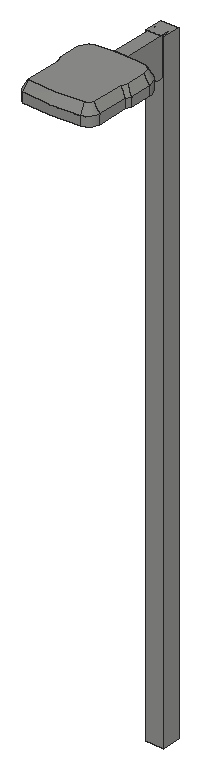
Revit family "VP-1_ADU", category Lighting Fixtures, host Face, Revit 2019
Family settings
  Host = Face
  Round Connector Dimension = Use Diameter
  Part Type = Normal
  OmniClass Number = 23.80.70.11.14.17
  OmniClass Title = Direct/Indirect
  Cut with Voids When Loaded = No
  Light Source = No
  Shared = Yes
  Room Calculation Point = No
Parameters (values of type "VP-1-ADU")
  Wattage Comments = "97.2W"
  Warranty = "Five year warranty"  # constant formula
  Voltage = 120 V
  URL = "https://www.currentlighting.com/beacon"
  Type Comments = "Lighting Fixture"  # constant formula
  Product Page URL = "https://www.currentlighting.com/outdoor-lighting/viper-area-size-1/9606403"
  Product Documentation Link = "https://cdn.currentlighting.com/site/specsheet/BEA_VIPERSPEC.pdf"
  Power Factor = 0.9
  Pole Height [instance] = 120.00"
  Name = "Viper Area Size 1"  # constant formula
  Model = "VP-1-ADU"
  Matt Grey = MATT GREY
  Matt Black = Matt Black
  Manufacturer = "Current Lighting"  # constant formula
  Load Classification = Lighting
  Light Output = 6297.00 cd/m²
  Lamp = "LED"  # constant formula
  Grey = Grey
  Glass = Glass
  Pole Size [instance] = 3.50"
  Features = "Featuring two different optical technologies, Micro Strike and Strike Optics, which provide the best distribution patterns for retrofit or new construction\r\nVibration rated for high vibration applications including bridges and overpasses\r\nControl options including photo control, occupancy sensing, NX Lighting Controls, wiSCAPE and 7-Pin with networked controls\r\nMounting options include: Arm, Universal Arm, Adjustable Arm, Mast Arm, Decorative Arm, Knuckle, Trunnion, Wall\r\nDistribution options include: Auto Front Row, Type 2, Type 3, Type 4 Forward, Type 4 Wide, Type 5 Narrow, Type 5 Medium, Type 5 Wide, Type 5 Rectangular, Corner Optic, and Tennis Court\r\n\r\n"  # constant formula
  Copyright = "© 2022 Current Lighting"  # constant formula
  Cool Grey = Cool Grey
  Contact Us = "https://www.currentlighting.com/contact-us"
  Certification = "UL"  # constant formula
  Description = "The Viper is an extremely versatile area/site luminaire which blends design, performance, and technology for a variety of applications."  # constant formula
  Default Elevation = 48.00"
  Finish = Arctic White
  Matt White = Matt White
  CRI = "70"  # constant formula
  Brand = "Beacon"  # constant formula
  Assembly Code = "D5020200"
  Apparent Load = 97.2 VA
Reference planes (in)
  plane 1 "Center (Front/Back)": y = 6.16697
  plane 2: z = 0
  plane 3 "Center (Left/Right)": x = 0
  plane 4: z = 3.75
  plane 5: z = -4.44
  plane 6: x = -1.75
  plane 7: x = 1.75
  plane 8: y = 4.41697
  plane 9: y = 7.91697
  plane 10: z = 120
Forms (in)
  Extrusion 1, solid, material "Cool Grey" <- "Cool Grey"
    sketch origin (0, 0, 0) x (1, 0, 0) y (0, 1, 0)
      loop
        line (-1.75, 7.91697) -> (-1.75, 4.41697) -> (1.75, 4.41697) -> (1.75, 7.91697) -> (-1.75, 7.91697)
    from 0 to 120
Lines and regions (in)
  reference lines
    curve 1: line (0, 14.42606, -3.25) -> (0, 17.42606, -0.25)
    curve 2: line (0, -2.09213, -3.25) -> (0, 14.42606, -3.25)
    curve 3: line (0, -5.09213, -0.25) -> (0, -2.09213, -3.25)
    curve 4: line (0, 14.42606, -3.25) -> (0, 17.42606, -0.25)
    curve 5: line (0, -5.09213, -0.25) -> (0, 17.42606, -0.25)
    curve 6: line (0, 17.17606, -0.77432) -> (0, 17.92606, -0.77432)
    curve 7: line (0, 17.17606, -1.52432) -> (0, 17.17606, -0.77432)
    curve 8: line (0, 16.69614, -1.52432) -> (0, 17.17606, -1.52432)
    curve 9: line (0, 14.92606, -4.25) -> (0, 16.69614, -1.52432)
    curve 10: line (0, -4.3622, -1.52432) -> (0, -2.59213, -4.25)
    curve 11: line (0, -4.84213, -1.52432) -> (0, -4.3622, -1.52432)
    curve 12: line (0, -4.84213, -0.77432) -> (0, -4.84213, -1.52432)
    curve 13: line (0, -5.59213, -0.77432) -> (0, -4.84213, -0.77432)
Dimensions and locks (in)
  plane 4 to plane 2 = 3.75"
  "Pole Size": plane 8 to plane 9
  equal spacing: plane 8, plane 1 "Center (Front/Back)", plane 9
  equal spacing: plane 6, plane 3 "Center (Left/Right)", plane 7
  "Pole Size": plane 6 to plane 7
  "Pole Height": plane 10 to plane 2
  aligned and locked: plane 2 to host face
  aligned and locked: level to host face
  aligned and locked: plane 10 to Extrusion 1
  aligned and locked: plane 3 "Center (Left/Right)" to nested 1
  aligned and locked: plane 9 to Extrusion 1 sketch curve
  aligned and locked: plane 6 to Extrusion 1 sketch curve
  aligned and locked: Extrusion 1 sketch curve to plane 8
  aligned and locked: Extrusion 1 sketch curve to plane 7
  aligned and locked: nested 1 to plane 10
Automatic sketch dimensions
  host sketch curve to host sketch curve = 96.00"
  host sketch curve to host sketch curve = 85.00"
  curve 3 to level = 0.25"
  plane 8 to curve 3 = 9.50909"
  curve 3 to curve 12 = 0.25"
  curve 11 to curve 11 = 0.47992"
  curve 2 to plane 5 = 1.19"
  curve 10 to curve 2 = 2.27008"
  curve 1 to plane 9 = 6.50909"
  curve 9 to level = 1.52432"
  curve 1 to curve 9 = 2.27008"
  curve 8 to curve 8 = 0.47992"
  curve 6 to curve 4 = 0.25"
  curve 10 to curve 3 = 1.27432"
  curve 7 to curve 1 = 0.52432"
  curve 12 to curve 3 = 0.52432"
  curve 13 to curve 3 = 0.50"
  curve 10 to plane 5 = 0.19"
  curve 10 to curve 2 = 0.50"
  curve 9 to plane 5 = 0.19"
  curve 1 to curve 9 = 0.50"
  curve 1 to curve 6 = 0.50"
Nested families (in)
  nested 1: "SIZE1-ADU" at (0, 4.41697, 118.26) x (1, 0, 0) z (0, -1, 0), Mounting Block Width <- "Pole Size", type "SIZE1-ADU"
    with Mounting Block Width 3.50"
Connectors (in)
  electrical at (0, 6.16697, 0), driven by "Power Factor", driven by "Apparent Load", driven by "Voltage"
    settings: on Extrusion 1, index 1, voltage 120 V, apparent load 97.2 VA, apparent load phase1 0 VA, apparent load phase2 0 VA, apparent load phase3 0 VA, power factor 0.9, load classification "Other", number of poles 1, system type 30, power factor state 1, is connector primary yes, connector utility no, sub classification motor no, connector description "Light Fixture"
Definition of nested family "SIZE1-ADU"
  Parameters (values of type "SIZE1-ADU")
    Width = 14.38"
    Wattage = 97.2 W
    built-in parameter 1150110 = 1 (stored number, unit not read)
    built-in parameter 1114217 = 1 (stored number, unit not read)
    Tilt Angle = 160.00°
    built-in parameter 1150109 = 1 (stored number, unit not read)
    built-in parameter 1150134 = 3
    built-in parameter 1150113 = 1 (stored number, unit not read)
    Photometric Web File = "VP-1-160L-100-3K7-4W-BC.ies"
    Mounting Block Width [instance] = 3.00"
    Mount Length = 7.30"
    built-in parameter 1150105 = 502.77 (stored number, unit not read)
    Lumens = 6318 lm
    built-in parameter 1150115 = 1 (stored number, unit not read)
    built-in parameter 1150137 = (empty or 0)
    built-in parameter 1150139 = (empty or 0)
    Length = 16.76"
    built-in parameter 1150112 = 1 (stored number, unit not read)
    built-in parameter 1150114 = 1 (stored number, unit not read)
    built-in parameter 1150132 = (empty or 0)
    built-in parameter 1150102 = (empty or 0)
    built-in parameter 1150107 = 3200 (stored number, unit not read)
    built-in parameter 1150138 = (empty or 0)
    built-in parameter 1150106 = 5.0277 (stored number, unit not read)
    Glass = none
    Fixture = none
    built-in parameter 1150104 = 6.0387 (stored number, unit not read)
    Dimming Lamp Color Temperature Shift = (empty or 0)
    Default Elevation = 48.00"
    Color Filter = 16777215
    built-in parameter 1114218 = 1 (stored number, unit not read)
    built-in parameter 1150133 = 10 (stored number, unit not read)
  Reference planes (in)
    plane 1 "Center (Front/Back)": y = 0
    plane 2: z = 0
    plane 3 "Center (Left/Right)": x = 0
    plane 4: x = 7.19
    plane 5: x = -7.19
    plane 6: z = 7.3
    plane 7: z = 24.06
    plane 8: y = -1.74
    plane 9: y = 1.74
    plane 10: x = -1.5
    plane 11: x = 1.5
  Forms (in)
    Extrusion 1, solid
      sketch origin (0, 0, 0) x (1, 0, 0) y (0, 1, 0)
        loop
          line (-48, 48) -> (-48, -48) -> (48, -48) -> (48, 48) -> (-48, 48)
      from 0 to -12
    Extrusion 2, solid, material <- "Fixture"
      sketch origin (0, 0, 0) x (1, 0, 0) y (0, 0, 1)
        loop
          line (-6.90972, 15.52202) -> (-7.315, 14.47799) -> (-7.315, 10.44521)
          arc (-7.315, 10.44521) -> (-6.65907, 8.48733) -> (-4.95604, 7.31974) r 3.25
          arc (-4.95604, 7.31974) -> (0, 6.81429) -> (4.95604, 7.31974) r 24.55009
          arc (4.95604, 7.31974) -> (6.65907, 8.48733) -> (7.315, 10.44521) r 3.25
          line (7.315, 10.44521) -> (7.315, 14.47799) -> (6.8775, 15.60502) -> (6.8775, 21.64879)
          arc (6.8775, 21.64879) -> (6.33181, 23.02174) -> (4.99253, 23.64548) r 2
          arc (4.99253, 23.64548) -> (-0.48882, 24.02102) -> (-5.96128, 23.53274) r 34.9432
          arc (-5.96128, 23.53274) -> (-6.64447, 23.08958) -> (-6.90972, 22.31966) r 1.25
          line (-6.90972, 22.31966) -> (-6.90972, 15.52202)
      from 0 to 1.74
    Extrusion 3, solid, material <- "Fixture"
      sketch origin (0, 0, 0) x (0, 1, 0) y (0, 0, 1)
        loop
          line (1.74, 7.93918) -> (-1.74, 7.93918) -> (-1.74, 5.73801)
          arc (-1.74, 5.73801) -> (-1.91356, 4.61037) -> (-2.41818, 3.5871) r 3.75
          line (-2.41818, 3.5871) -> (-5.31007, 1.22439)
          arc (-5.31007, 1.22439) -> (-5.39997, 1.10958) -> (-5.432, 0.96732) r 0.33196
          line (-5.432, 0.96732) -> (-5.432, -1.406) -> (-2.86955, -1.406) -> (1.74, -1.406) -> (1.74, 7.93918)
      from -1.24 to 1.24
    Extrusion 4, void
      sketch origin (0, 0, 0) x (1, 0, 0) y (0, 0, 1)
        loop
          arc (-5.91108, 14.93936) -> (0.07703, 15.26698) -> (6.065, 14.93674) r 54.66878
          line (6.065, 14.93674) -> (6.065, 21.74182) -> (-5.91108, 21.74182) -> (-5.91108, 14.93936)
      from 1 to 1.75
    Extrusion 5, solid, material <- "Glass"
      sketch origin (0, 0, -0.25) x (1, 0, 0) y (0, 0, 1)
        loop
          arc (-5.06487, 21.74182) -> (-5.31236, 21.63931) -> (-5.41487, 21.39182) r 0.35
          line (-5.41487, 21.39182) -> (-5.41487, 16.34182)
          arc (-5.41487, 16.34182) -> (-5.31236, 16.09434) -> (-5.06487, 15.99182) r 0.35
          line (-5.06487, 15.99182) -> (5.11803, 15.99182)
          arc (5.11803, 15.99182) -> (5.36552, 16.09434) -> (5.46803, 16.34182) r 0.35
          line (5.46803, 16.34182) -> (5.46803, 21.39182)
          arc (5.46803, 21.39182) -> (5.36552, 21.63931) -> (5.11803, 21.74182) r 0.35
          line (5.11803, 21.74182) -> (-5.06487, 21.74182)
      from 1 to 1.35
    Extrusion 6, solid, material <- "Glass"
      sketch origin (0, 0, -0.25) x (1, 0, 0) y (0, 0, 1)
        loop
          circle (-4.85829, 20.91694) r 0.15
        loop
          circle (-4.33955, 20.91694) r 0.15
        loop
          circle (-3.8208, 20.91694) r 0.15
        loop
          circle (-3.30205, 20.91694) r 0.15
        loop
          circle (-2.7833, 20.91694) r 0.15
        loop
          circle (-2.26455, 20.91694) r 0.15
        loop
          circle (-1.7458, 20.91694) r 0.15
        loop
          circle (-1.22705, 20.91694) r 0.15
        loop
          circle (-0.70831, 20.91694) r 0.15
        loop
          circle (-4.85829, 20.41694) r 0.15
        loop
          circle (-4.33955, 20.41694) r 0.15
        loop
          circle (-3.8208, 20.41694) r 0.15
        loop
          circle (-3.30205, 20.41694) r 0.15
        loop
          circle (-2.7833, 20.41694) r 0.15
        loop
          circle (-2.26455, 20.41694) r 0.15
        loop
          circle (-1.7458, 20.41694) r 0.15
        loop
          circle (-1.22705, 20.41694) r 0.15
        loop
          circle (-0.70831, 20.41694) r 0.15
        loop
          circle (-4.85829, 19.91694) r 0.15
        loop
          circle (-4.33955, 19.91694) r 0.15
        loop
          circle (-3.8208, 19.91694) r 0.15
        loop
          circle (-3.30205, 19.91694) r 0.15
        loop
          circle (-2.7833, 19.91694) r 0.15
        loop
          circle (-2.26455, 19.91694) r 0.15
        loop
          circle (-1.7458, 19.91694) r 0.15
        loop
          circle (-1.22705, 19.91694) r 0.15
        loop
          circle (-0.70831, 19.91694) r 0.15
        loop
          circle (-4.85829, 19.41694) r 0.15
        loop
          circle (-4.33955, 19.41694) r 0.15
        loop
          circle (-3.8208, 19.41694) r 0.15
        loop
          circle (-3.30205, 19.41694) r 0.15
        loop
          circle (-2.7833, 19.41694) r 0.15
        loop
          circle (-2.26455, 19.41694) r 0.15
        loop
          circle (-1.7458, 19.41694) r 0.15
        loop
          circle (-1.22705, 19.41694) r 0.15
        loop
          circle (-0.70831, 19.41694) r 0.15
        loop
          circle (-4.85829, 18.91694) r 0.15
        loop
          circle (-4.33955, 18.91694) r 0.15
        loop
          circle (-3.8208, 18.91694) r 0.15
        loop
          circle (-3.30205, 18.91694) r 0.15
        loop
          circle (-2.7833, 18.91694) r 0.15
        loop
          circle (-2.26455, 18.91694) r 0.15
        loop
          circle (-1.7458, 18.91694) r 0.15
        loop
          circle (-1.22705, 18.91694) r 0.15
        loop
          circle (-0.70831, 18.91694) r 0.15
        loop
          circle (-4.85829, 18.41694) r 0.15
        loop
          circle (-4.33955, 18.41694) r 0.15
        loop
          circle (-3.8208, 18.41694) r 0.15
        loop
          circle (-3.30205, 18.41694) r 0.15
        loop
          circle (-2.7833, 18.41694) r 0.15
        loop
          circle (-2.26455, 18.41694) r 0.15
        loop
          circle (-1.7458, 18.41694) r 0.15
        loop
          circle (-1.22705, 18.41694) r 0.15
        loop
          circle (-0.70831, 18.41694) r 0.15
        loop
          circle (-4.85829, 17.91694) r 0.15
        loop
          circle (-4.33955, 17.91694) r 0.15
        loop
          circle (-3.8208, 17.91694) r 0.15
        loop
          circle (-3.30205, 17.91694) r 0.15
        loop
          circle (-2.7833, 17.91694) r 0.15
        loop
          circle (-2.26455, 17.91694) r 0.15
        loop
          circle (-1.7458, 17.91694) r 0.15
        loop
          circle (-1.22705, 17.91694) r 0.15
        loop
          circle (-0.70831, 17.91694) r 0.15
        loop
          circle (-4.85829, 17.41694) r 0.15
        loop
          circle (-4.33955, 17.41694) r 0.15
        loop
          circle (-3.8208, 17.41694) r 0.15
        loop
          circle (-3.30205, 17.41694) r 0.15
        loop
          circle (-2.7833, 17.41694) r 0.15
        loop
          circle (-2.26455, 17.41694) r 0.15
        loop
          circle (-1.7458, 17.41694) r 0.15
        loop
          circle (-1.22705, 17.41694) r 0.15
        loop
          circle (-0.70831, 17.41694) r 0.15
        loop
          circle (-4.85829, 16.91694) r 0.15
        loop
          circle (-4.33955, 16.91694) r 0.15
        loop
          circle (-3.8208, 16.91694) r 0.15
        loop
          circle (-3.30205, 16.91694) r 0.15
        loop
          circle (-2.7833, 16.91694) r 0.15
        loop
          circle (-2.26455, 16.91694) r 0.15
        loop
          circle (-1.7458, 16.91694) r 0.15
        loop
          circle (-1.22705, 16.91694) r 0.15
        loop
          circle (-0.70831, 16.91694) r 0.15
      from 1.35 to 1.4
    Extrusion 7, solid, material <- "Glass"
      sketch origin (0, 0, -0.25) x (-1, 0, 0) y (0, 0, -1)
        loop
          circle (-4.85829, -20.91694) r 0.15
        loop
          circle (-4.33955, -20.91694) r 0.15
        loop
          circle (-3.8208, -20.91694) r 0.15
        loop
          circle (-3.30205, -20.91694) r 0.15
        loop
          circle (-2.7833, -20.91694) r 0.15
        loop
          circle (-2.26455, -20.91694) r 0.15
        loop
          circle (-1.7458, -20.91694) r 0.15
        loop
          circle (-1.22705, -20.91694) r 0.15
        loop
          circle (-0.70831, -20.91694) r 0.15
        loop
          circle (-4.85829, -20.41694) r 0.15
        loop
          circle (-4.33955, -20.41694) r 0.15
        loop
          circle (-3.8208, -20.41694) r 0.15
        loop
          circle (-3.30205, -20.41694) r 0.15
        loop
          circle (-2.7833, -20.41694) r 0.15
        loop
          circle (-2.26455, -20.41694) r 0.15
        loop
          circle (-1.7458, -20.41694) r 0.15
        loop
          circle (-1.22705, -20.41694) r 0.15
        loop
          circle (-0.70831, -20.41694) r 0.15
        loop
          circle (-4.85829, -19.91694) r 0.15
        loop
          circle (-4.33955, -19.91694) r 0.15
        loop
          circle (-3.8208, -19.91694) r 0.15
        loop
          circle (-3.30205, -19.91694) r 0.15
        loop
          circle (-2.7833, -19.91694) r 0.15
        loop
          circle (-2.26455, -19.91694) r 0.15
        loop
          circle (-1.7458, -19.91694) r 0.15
        loop
          circle (-1.22705, -19.91694) r 0.15
        loop
          circle (-0.70831, -19.91694) r 0.15
        loop
          circle (-4.85829, -19.41694) r 0.15
        loop
          circle (-4.33955, -19.41694) r 0.15
        loop
          circle (-3.8208, -19.41694) r 0.15
        loop
          circle (-3.30205, -19.41694) r 0.15
        loop
          circle (-2.7833, -19.41694) r 0.15
        loop
          circle (-2.26455, -19.41694) r 0.15
        loop
          circle (-1.7458, -19.41694) r 0.15
        loop
          circle (-1.22705, -19.41694) r 0.15
        loop
          circle (-0.70831, -19.41694) r 0.15
        loop
          circle (-4.85829, -18.91694) r 0.15
        loop
          circle (-4.33955, -18.91694) r 0.15
        loop
          circle (-3.8208, -18.91694) r 0.15
        loop
          circle (-3.30205, -18.91694) r 0.15
        loop
          circle (-2.7833, -18.91694) r 0.15
        loop
          circle (-2.26455, -18.91694) r 0.15
        loop
          circle (-1.7458, -18.91694) r 0.15
        loop
          circle (-1.22705, -18.91694) r 0.15
        loop
          circle (-0.70831, -18.91694) r 0.15
        loop
          circle (-4.85829, -18.41694) r 0.15
        loop
          circle (-4.33955, -18.41694) r 0.15
        loop
          circle (-3.8208, -18.41694) r 0.15
        loop
          circle (-3.30205, -18.41694) r 0.15
        loop
          circle (-2.7833, -18.41694) r 0.15
        loop
          circle (-2.26455, -18.41694) r 0.15
        loop
          circle (-1.7458, -18.41694) r 0.15
        loop
          circle (-1.22705, -18.41694) r 0.15
        loop
          circle (-0.70831, -18.41694) r 0.15
        loop
          circle (-4.85829, -17.91694) r 0.15
        loop
          circle (-4.33955, -17.91694) r 0.15
        loop
          circle (-3.8208, -17.91694) r 0.15
        loop
          circle (-3.30205, -17.91694) r 0.15
        loop
          circle (-2.7833, -17.91694) r 0.15
        loop
          circle (-2.26455, -17.91694) r 0.15
        loop
          circle (-1.7458, -17.91694) r 0.15
        loop
          circle (-1.22705, -17.91694) r 0.15
        loop
          circle (-0.70831, -17.91694) r 0.15
        loop
          circle (-4.85829, -17.41694) r 0.15
        loop
          circle (-4.33955, -17.41694) r 0.15
        loop
          circle (-3.8208, -17.41694) r 0.15
        loop
          circle (-3.30205, -17.41694) r 0.15
        loop
          circle (-2.7833, -17.41694) r 0.15
        loop
          circle (-2.26455, -17.41694) r 0.15
        loop
          circle (-1.7458, -17.41694) r 0.15
        loop
          circle (-1.22705, -17.41694) r 0.15
        loop
          circle (-0.70831, -17.41694) r 0.15
        loop
          circle (-4.85829, -16.91694) r 0.15
        loop
          circle (-4.33955, -16.91694) r 0.15
        loop
          circle (-3.8208, -16.91694) r 0.15
        loop
          circle (-3.30205, -16.91694) r 0.15
        loop
          circle (-2.7833, -16.91694) r 0.15
        loop
          circle (-2.26455, -16.91694) r 0.15
        loop
          circle (-1.7458, -16.91694) r 0.15
        loop
          circle (-1.22705, -16.91694) r 0.15
        loop
          circle (-0.70831, -16.91694) r 0.15
      from 1.35 to 1.4
    Extrusion 8, solid, material <- "Glass"
      sketch origin (0, 0, -0.25) x (1, 0, 0) y (0, 0, 1)
        loop
          arc (-5.04655, 21.4209) -> (-5.22333, 21.34768) -> (-5.29655, 21.1709) r 0.25
          line (-5.29655, 21.1709) -> (-5.29655, 16.6709)
          arc (-5.29655, 16.6709) -> (-5.22333, 16.49412) -> (-5.04655, 16.4209) r 0.25
          line (-5.04655, 16.4209) -> (-0.54655, 16.4209)
          arc (-0.54655, 16.4209) -> (-0.36977, 16.49412) -> (-0.29655, 16.6709) r 0.25
          line (-0.29655, 16.6709) -> (-0.29655, 21.1709)
          arc (-0.29655, 21.1709) -> (-0.36977, 21.34768) -> (-0.54655, 21.4209) r 0.25
          line (-0.54655, 21.4209) -> (-5.04655, 21.4209)
      from 1.35 to 1.37213
    Extrusion 9, solid, material <- "Glass"
      sketch origin (0, 0, -0.25) x (-1, 0, 0) y (0, 0, -1)
        loop
          line (-5.04655, -21.4209) -> (-0.54655, -21.4209)
          arc (-0.54655, -21.4209) -> (-0.36977, -21.34768) -> (-0.29655, -21.1709) r 0.25
          line (-0.29655, -21.1709) -> (-0.29655, -16.6709)
          arc (-0.29655, -16.6709) -> (-0.36977, -16.49412) -> (-0.54655, -16.4209) r 0.25
          line (-0.54655, -16.4209) -> (-5.04655, -16.4209)
          arc (-5.04655, -16.4209) -> (-5.22333, -16.49412) -> (-5.29655, -16.6709) r 0.25
          line (-5.29655, -16.6709) -> (-5.29655, -21.1709)
          arc (-5.29655, -21.1709) -> (-5.22333, -21.34768) -> (-5.04655, -21.4209) r 0.25
      from 1.35 to 1.37213
    Extrusion 10, solid, material <- "Fixture"
      sketch origin (0.125, 0, 2) x (1, 0, 0) y (0, 1, 0)
        loop
          line (5.34818, -1) -> (5.34818, -1.20146)
          arc (5.34818, -1.20146) -> (5.35492, -1.23973) -> (5.37436, -1.27339) r 0.1119
          line (5.37436, -1.27339) -> (5.73492, -1.70309)
          arc (5.73492, -1.70309) -> (5.76289, -1.72455) -> (5.79732, -1.73219) r 0.08147
          line (5.79732, -1.73219) -> (5.94, -1.73219) -> (5.94, -1) -> (5.34818, -1)
      from 18.55 to 18.65
    Extrusion 11, solid, material <- "Fixture"
      sketch origin (0.125, 0, 1.09761) x (1, 0, 0) y (0, 1, 0)
        loop
          line (5.34818, -1) -> (5.34818, -1.20146)
          arc (5.34818, -1.20146) -> (5.35492, -1.23973) -> (5.37436, -1.27339) r 0.1119
          line (5.37436, -1.27339) -> (5.73492, -1.70309)
          arc (5.73492, -1.70309) -> (5.76289, -1.72455) -> (5.79732, -1.73219) r 0.08147
          line (5.79732, -1.73219) -> (5.94, -1.73219) -> (5.94, -1) -> (5.34818, -1)
      from 18.55 to 18.65
    Extrusion 12, solid, material <- "Fixture"
      sketch origin (0.125, 0, 0.20579) x (1, 0, 0) y (0, 1, 0)
        loop
          line (5.34818, -1) -> (5.34818, -1.20146)
          arc (5.34818, -1.20146) -> (5.35492, -1.23973) -> (5.37436, -1.27339) r 0.1119
          line (5.37436, -1.27339) -> (5.73492, -1.70309)
          arc (5.73492, -1.70309) -> (5.76289, -1.72455) -> (5.79732, -1.73219) r 0.08147
          line (5.79732, -1.73219) -> (5.94, -1.73219) -> (5.94, -1) -> (5.34818, -1)
      from 18.55 to 18.65
    Extrusion 13, solid, material <- "Fixture"
      sketch origin (0.125, 0, -0.68603) x (1, 0, 0) y (0, 1, 0)
        loop
          line (5.34818, -1) -> (5.34818, -1.20146)
          arc (5.34818, -1.20146) -> (5.35492, -1.23973) -> (5.37436, -1.27339) r 0.1119
          line (5.37436, -1.27339) -> (5.73492, -1.70309)
          arc (5.73492, -1.70309) -> (5.76289, -1.72455) -> (5.79732, -1.73219) r 0.08147
          line (5.79732, -1.73219) -> (5.94, -1.73219) -> (5.94, -1) -> (5.34818, -1)
      from 18.55 to 18.65
    Extrusion 14, solid, material <- "Fixture"
      sketch origin (0.125, 0, -1.57681) x (1, 0, 0) y (0, 1, 0)
        loop
          line (5.34818, -1) -> (5.34818, -1.20146)
          arc (5.34818, -1.20146) -> (5.35492, -1.23973) -> (5.37436, -1.27339) r 0.1119
          line (5.37436, -1.27339) -> (5.73492, -1.70309)
          arc (5.73492, -1.70309) -> (5.76289, -1.72455) -> (5.79732, -1.73219) r 0.08147
          line (5.79732, -1.73219) -> (5.94, -1.73219) -> (5.94, -1) -> (5.34818, -1)
      from 18.55 to 18.65
    Extrusion 15, solid, material <- "Fixture"
      sketch origin (0, 0, 2) x (-1, 0, 0) y (0, -1, 0)
        loop
          line (5.34818, 1) -> (5.94, 1) -> (5.94, 1.73219) -> (5.79732, 1.73219)
          arc (5.79732, 1.73219) -> (5.76289, 1.72455) -> (5.73492, 1.70309) r 0.08147
          line (5.73492, 1.70309) -> (5.37436, 1.27339)
          arc (5.37436, 1.27339) -> (5.35492, 1.23973) -> (5.34818, 1.20146) r 0.1119
          line (5.34818, 1.20146) -> (5.34818, 1)
      from 18.55 to 18.65
    Extrusion 16, solid, material <- "Fixture"
      sketch origin (0, 0, 1.09761) x (-1, 0, 0) y (0, -1, 0)
        loop
          line (5.34818, 1) -> (5.94, 1) -> (5.94, 1.73219) -> (5.79732, 1.73219)
          arc (5.79732, 1.73219) -> (5.76289, 1.72455) -> (5.73492, 1.70309) r 0.08147
          line (5.73492, 1.70309) -> (5.37436, 1.27339)
          arc (5.37436, 1.27339) -> (5.35492, 1.23973) -> (5.34818, 1.20146) r 0.1119
          line (5.34818, 1.20146) -> (5.34818, 1)
      from 18.55 to 18.65
    Extrusion 17, solid, material <- "Fixture"
      sketch origin (0, 0, 0.20579) x (-1, 0, 0) y (0, -1, 0)
        loop
          line (5.34818, 1) -> (5.94, 1) -> (5.94, 1.73219) -> (5.79732, 1.73219)
          arc (5.79732, 1.73219) -> (5.76289, 1.72455) -> (5.73492, 1.70309) r 0.08147
          line (5.73492, 1.70309) -> (5.37436, 1.27339)
          arc (5.37436, 1.27339) -> (5.35492, 1.23973) -> (5.34818, 1.20146) r 0.1119
          line (5.34818, 1.20146) -> (5.34818, 1)
      from 18.55 to 18.65
    Extrusion 18, solid, material <- "Fixture"
      sketch origin (0, 0, -0.68603) x (-1, 0, 0) y (0, -1, 0)
        loop
          line (5.34818, 1) -> (5.94, 1) -> (5.94, 1.73219) -> (5.79732, 1.73219)
          arc (5.79732, 1.73219) -> (5.76289, 1.72455) -> (5.73492, 1.70309) r 0.08147
          line (5.73492, 1.70309) -> (5.37436, 1.27339)
          arc (5.37436, 1.27339) -> (5.35492, 1.23973) -> (5.34818, 1.20146) r 0.1119
          line (5.34818, 1.20146) -> (5.34818, 1)
      from 18.55 to 18.65
    Extrusion 19, solid, material <- "Fixture"
      sketch origin (0, 0, -1.57681) x (-1, 0, 0) y (0, -1, 0)
        loop
          line (5.34818, 1) -> (5.94, 1) -> (5.94, 1.73219) -> (5.79732, 1.73219)
          arc (5.79732, 1.73219) -> (5.76289, 1.72455) -> (5.73492, 1.70309) r 0.08147
          line (5.73492, 1.70309) -> (5.37436, 1.27339)
          arc (5.37436, 1.27339) -> (5.35492, 1.23973) -> (5.34818, 1.20146) r 0.1119
          line (5.34818, 1.20146) -> (5.34818, 1)
      from 18.55 to 18.65
    Blend 20, solid, material <- "Fixture"
      base sketch origin (0, 0, 0) x (1, 0, 0) y (0, 0, 1)
        loop
          arc (6.8775, 21.64879) -> (6.32945, 23.02423) -> (4.98567, 23.64587) r 2
          arc (4.98567, 23.64587) -> (-0.49619, 24.02032) -> (-5.96896, 23.53081) r 34.94258
          arc (-5.96896, 23.53081) -> (-6.6469, 23.08646) -> (-6.90972, 22.31966) r 1.25
          line (-6.90972, 22.31966) -> (-6.90972, 15.52202) -> (-7.315, 14.47799) -> (-7.315, 10.44521)
          arc (-7.315, 10.44521) -> (-6.65907, 8.48733) -> (-4.95604, 7.31974) r 3.25
          arc (-4.95604, 7.31974) -> (0, 6.81429) -> (4.95604, 7.31974) r 24.55009
          arc (4.95604, 7.31974) -> (6.65907, 8.48733) -> (7.315, 10.44521) r 3.25
          line (7.315, 10.44521) -> (7.315, 14.47799) -> (6.8775, 15.60502) -> (6.8775, 21.64879)
      top sketch origin (0, 0, 0) x (1, 0, 0) y (0, 0, 1)
        loop
          arc (5.8775, 21.64879) -> (5.59935, 22.34084) -> (4.91965, 22.64791) r 1
          arc (4.91965, 22.64791) -> (-0.4057, 23.02434) -> (-5.72421, 22.5612) r 33.9458
          arc (-5.72421, 22.5612) -> (-5.85799, 22.47194) -> (-5.90972, 22.31966) r 0.25
          line (-5.90972, 22.31966) -> (-5.90972, 15.33474) -> (-6.315, 14.29071) -> (-6.315, 10.44521)
          arc (-6.315, 10.44521) -> (-5.87115, 9.10345) -> (-4.71471, 8.29106) r 2.25
          arc (-4.71471, 8.29106) -> (0, 7.81429) -> (4.71471, 8.29106) r 23.55009
          arc (4.71471, 8.29106) -> (5.87115, 9.10345) -> (6.315, 10.44521) r 2.25
          line (6.315, 10.44521) -> (6.315, 14.29071) -> (5.8775, 15.41774) -> (5.8775, 21.64879)
      from 0 to -1.74
    Extrusion 21, void
      sketch origin (0.10319, 0, 4.02872) x (1, 0, 0) y (0, 0, 1)
        loop
          line (-5.94707, 9.88637) -> (-5.94707, 8.88637)
          arc (-5.94707, 8.88637) -> (-0.00354, 7.88584) -> (5.94, 8.88637) r 18.15382
          line (5.94, 8.88637) -> (5.94, 9.88637)
          arc (5.94, 9.88637) -> (-0.00354, 8.88584) -> (-5.94707, 9.88637) r 18.15382
        loop
          line (-5.85535, 7.87828) -> (-5.85535, 7.60486)
          arc (-5.85535, 7.60486) -> (0.0002, 6.63584) -> (5.85535, 7.60727) r 18.15382
          line (5.85535, 7.60727) -> (5.85535, 7.88068)
          arc (5.85535, 7.88068) -> (0.0002, 6.91466) -> (-5.85535, 7.87828) r 18.25
        loop
          line (-5.85535, 7.12828) -> (-5.85535, 6.85486)
          arc (-5.85535, 6.85486) -> (0.0002, 5.88584) -> (5.85535, 6.85727) r 18.15382
          line (5.85535, 6.85727) -> (5.85535, 7.13068)
          arc (5.85535, 7.13068) -> (0.0002, 6.16466) -> (-5.85535, 7.12828) r 18.25
      from 1 to 1.75
  Cuts and joins
    Extrusion 4, Extrusion 21 cuts Extrusion 2
    Extrusion 4 cuts Extrusion 3
    joined: Extrusion 2, Extrusion 3
  Dimensions and locks (in)
    equal spacing: plane 4, plane 3 "Center (Left/Right)", plane 5
    "Width": plane 4 to plane 5
    "Length": plane 7 to plane 6
    "Mount Length": plane 6 to plane 2
    equal spacing: plane 10, plane 3 "Center (Left/Right)", plane 11
    "Mounting Block Width": plane 10 to plane 11
    aligned and locked: plane 2 to Extrusion 1
    aligned and locked: level to Extrusion 1
  Automatic sketch dimensions
    Extrusion 1 sketch curve to Extrusion 1 sketch curve = 96.00"  (x2)
    Extrusion 2 sketch curve to plane 3 "Center (Left/Right)" = 0.00"
    Extrusion 2 sketch curve to plane 3 "Center (Left/Right)" = 0.12919"
    plane 5 to Extrusion 2 sketch curve = 3.125"
    plane 5 to Extrusion 2 sketch curve = 1.53028"
    plane 5 to Extrusion 2 sketch curve = 0.28028"
    Extrusion 2 sketch curve to plane 5 = 0.125"
    Extrusion 2 sketch curve to plane 4 = 3.125"
    Extrusion 2 sketch curve to plane 4 = 2.3125"
    Extrusion 2 sketch curve to plane 4 = 0.3125"
    plane 4 to Extrusion 2 sketch curve = 0.125"
    Extrusion 2 sketch curve to level = 10.92033"
    plane 6 to Extrusion 2 sketch curve = 3.14521"
    Extrusion 2 sketch curve to Extrusion 2 sketch curve = 0.00"
    Extrusion 2 sketch curve to Extrusion 2 sketch curve = 4.03278"  (x2)
    Extrusion 2 sketch curve to Extrusion 2 sketch curve = 1.04403"
    Extrusion 2 sketch curve to Extrusion 2 sketch curve = 1.12703"
    Extrusion 2 sketch curve to plane 7 = 2.41121"
    Extrusion 2 sketch curve to Extrusion 2 sketch curve = 6.79764"
    plane 7 to Extrusion 2 sketch curve = 7.30438"
    plane 6 to Extrusion 2 sketch curve = 0.01974"
    Extrusion 2 sketch curve to plane 7 = 0.52726"
    plane 5 to Extrusion 4 sketch curve = 1.27892"
    plane 3 "Center (Left/Right)" to Extrusion 4 sketch curve = 0.06506"
    Extrusion 4 sketch curve to plane 4 = 1.125"
    Extrusion 4 sketch curve to level = 39.4018"
    plane 6 to Extrusion 4 sketch curve = 7.63674"
    Extrusion 4 sketch curve to plane 7 = 2.31818"
    plane 5 to Extrusion 5 sketch curve = 1.77513"
    Extrusion 5 sketch curve to Extrusion 5 sketch curve = 0.35"  (x3)
    Extrusion 5 sketch curve to plane 4 = 2.07197"  (x2)
    Extrusion 5 sketch curve to plane 7 = 8.31818"
    Extrusion 5 sketch curve to plane 7 = 2.91818"
    plane 5 to Extrusion 6 sketch curve = 2.33171"
    Extrusion 6 sketch curve to Extrusion 6 sketch curve = 0.00"  (x61)
    Extrusion 6 sketch curve to Extrusion 6 sketch curve = 0.51875"  (x27)
    Extrusion 6 sketch curve to plane 7 = 7.39306"
    Extrusion 6 sketch curve to Extrusion 6 sketch curve = 0.50"  (x72)
    plane 4 to Extrusion 7 sketch curve = 2.33171"
    Extrusion 7 sketch curve to Extrusion 7 sketch curve = 0.00"  (x61)
    Extrusion 7 sketch curve to Extrusion 7 sketch curve = 0.51875"  (x27)
    plane 7 to Extrusion 7 sketch curve = 7.39306"
    Extrusion 7 sketch curve to Extrusion 7 sketch curve = 0.50"  (x72)
    plane 5 to Extrusion 8 sketch curve = 1.89345"
    Extrusion 8 sketch curve to Extrusion 8 sketch curve = 0.25"  (x3)
    Extrusion 8 sketch curve to plane 3 "Center (Left/Right)" = 0.54655"  (x2)
    Extrusion 8 sketch curve to plane 7 = 7.8891"
    Extrusion 8 sketch curve to plane 7 = 3.1391"
    plane 4 to Extrusion 9 sketch curve = 1.89345"
    Extrusion 9 sketch curve to Extrusion 9 sketch curve = 0.25"  (x3)
    Extrusion 9 sketch curve to plane 3 "Center (Left/Right)" = 0.54655"  (x2)
    plane 7 to Extrusion 9 sketch curve = 7.8891"
    plane 7 to Extrusion 9 sketch curve = 3.1391"
    Extrusion 10 sketch curve to plane 4 = 1.71682"
    Extrusion 10 sketch curve to plane 8 = 0.46661"
    Extrusion 10 sketch curve to Extrusion 10 sketch curve = 0.02618"
    Extrusion 10 sketch curve to Extrusion 10 sketch curve = 0.1119"
    Extrusion 10 sketch curve to plane 8 = 0.03691"
    Extrusion 10 sketch curve to Extrusion 10 sketch curve = 0.36056"
    Extrusion 10 sketch curve to plane 8 = 0.00781"
    Extrusion 10 sketch curve to Extrusion 10 sketch curve = 0.06241"
    Extrusion 10 sketch curve to Extrusion 10 sketch curve = 0.47992"
    Extrusion 10 sketch curve to Extrusion 10 sketch curve = 0.20146"
    Extrusion 11 sketch curve to plane 4 = 1.71682"
    Extrusion 11 sketch curve to plane 8 = 0.46661"
    Extrusion 11 sketch curve to Extrusion 11 sketch curve = 0.02618"
    Extrusion 11 sketch curve to Extrusion 11 sketch curve = 0.1119"
    Extrusion 11 sketch curve to plane 8 = 0.03691"
    Extrusion 11 sketch curve to Extrusion 11 sketch curve = 0.36056"
    Extrusion 11 sketch curve to plane 8 = 0.00781"
    Extrusion 11 sketch curve to Extrusion 11 sketch curve = 0.06241"
    Extrusion 11 sketch curve to Extrusion 11 sketch curve = 0.47992"
    Extrusion 11 sketch curve to Extrusion 11 sketch curve = 0.20146"
    Extrusion 12 sketch curve to plane 4 = 1.71682"
    Extrusion 12 sketch curve to plane 8 = 0.46661"
    Extrusion 12 sketch curve to Extrusion 12 sketch curve = 0.02618"
    Extrusion 12 sketch curve to Extrusion 12 sketch curve = 0.1119"
    Extrusion 12 sketch curve to plane 8 = 0.03691"
    Extrusion 12 sketch curve to Extrusion 12 sketch curve = 0.36056"
    Extrusion 12 sketch curve to plane 8 = 0.00781"
    Extrusion 12 sketch curve to Extrusion 12 sketch curve = 0.06241"
    Extrusion 12 sketch curve to Extrusion 12 sketch curve = 0.47992"
    Extrusion 12 sketch curve to Extrusion 12 sketch curve = 0.20146"
    Extrusion 13 sketch curve to plane 4 = 1.71682"
    Extrusion 13 sketch curve to plane 8 = 0.46661"
    Extrusion 13 sketch curve to Extrusion 13 sketch curve = 0.02618"
    Extrusion 13 sketch curve to Extrusion 13 sketch curve = 0.1119"
    Extrusion 13 sketch curve to plane 8 = 0.03691"
    Extrusion 13 sketch curve to Extrusion 13 sketch curve = 0.36056"
    Extrusion 13 sketch curve to plane 8 = 0.00781"
    Extrusion 13 sketch curve to Extrusion 13 sketch curve = 0.06241"
    Extrusion 13 sketch curve to Extrusion 13 sketch curve = 0.47992"
    Extrusion 13 sketch curve to Extrusion 13 sketch curve = 0.20146"
    Extrusion 14 sketch curve to plane 4 = 1.71682"
    Extrusion 14 sketch curve to plane 8 = 0.46661"
    Extrusion 14 sketch curve to Extrusion 14 sketch curve = 0.02618"
    Extrusion 14 sketch curve to Extrusion 14 sketch curve = 0.1119"
    Extrusion 14 sketch curve to plane 8 = 0.03691"
    Extrusion 14 sketch curve to Extrusion 14 sketch curve = 0.36056"
    Extrusion 14 sketch curve to plane 8 = 0.00781"
    Extrusion 14 sketch curve to Extrusion 14 sketch curve = 0.06241"
    Extrusion 14 sketch curve to Extrusion 14 sketch curve = 0.47992"
    Extrusion 14 sketch curve to Extrusion 14 sketch curve = 0.20146"
    Extrusion 15 sketch curve to plane 5 = 1.84182"
    plane 8 to Extrusion 15 sketch curve = 0.46661"
    Extrusion 15 sketch curve to Extrusion 15 sketch curve = 0.02618"
    Extrusion 15 sketch curve to Extrusion 15 sketch curve = 0.1119"
    plane 8 to Extrusion 15 sketch curve = 0.03691"
    Extrusion 15 sketch curve to Extrusion 15 sketch curve = 0.36056"
    plane 8 to Extrusion 15 sketch curve = 0.00781"
    Extrusion 15 sketch curve to Extrusion 15 sketch curve = 0.06241"
    Extrusion 15 sketch curve to Extrusion 15 sketch curve = 0.47992"
    Extrusion 15 sketch curve to Extrusion 15 sketch curve = 0.20146"
    plane 5 to Extrusion 16 sketch curve = 1.84182"
    Extrusion 16 sketch curve to plane 8 = 0.46661"
    Extrusion 16 sketch curve to Extrusion 16 sketch curve = 0.02618"
    Extrusion 16 sketch curve to Extrusion 16 sketch curve = 0.1119"
    Extrusion 16 sketch curve to plane 8 = 0.03691"
    Extrusion 16 sketch curve to Extrusion 16 sketch curve = 0.36056"
    Extrusion 16 sketch curve to plane 8 = 0.00781"
    Extrusion 16 sketch curve to Extrusion 16 sketch curve = 0.06241"
    Extrusion 16 sketch curve to Extrusion 16 sketch curve = 0.47992"
    Extrusion 16 sketch curve to Extrusion 16 sketch curve = 0.20146"
    plane 5 to Extrusion 17 sketch curve = 1.84182"
    Extrusion 17 sketch curve to plane 8 = 0.46661"
    Extrusion 17 sketch curve to Extrusion 17 sketch curve = 0.02618"
    Extrusion 17 sketch curve to Extrusion 17 sketch curve = 0.1119"
    Extrusion 17 sketch curve to plane 8 = 0.03691"
    Extrusion 17 sketch curve to Extrusion 17 sketch curve = 0.36056"
    Extrusion 17 sketch curve to plane 8 = 0.00781"
    Extrusion 17 sketch curve to Extrusion 17 sketch curve = 0.06241"
    Extrusion 17 sketch curve to Extrusion 17 sketch curve = 0.47992"
    Extrusion 17 sketch curve to Extrusion 17 sketch curve = 0.20146"
    plane 5 to Extrusion 18 sketch curve = 1.84182"
    Extrusion 18 sketch curve to plane 8 = 0.46661"
    Extrusion 18 sketch curve to Extrusion 18 sketch curve = 0.02618"
    Extrusion 18 sketch curve to Extrusion 18 sketch curve = 0.1119"
    Extrusion 18 sketch curve to plane 8 = 0.03691"
    Extrusion 18 sketch curve to Extrusion 18 sketch curve = 0.36056"
    Extrusion 18 sketch curve to plane 8 = 0.00781"
    Extrusion 18 sketch curve to Extrusion 18 sketch curve = 0.06241"
    Extrusion 18 sketch curve to Extrusion 18 sketch curve = 0.47992"
    Extrusion 18 sketch curve to Extrusion 18 sketch curve = 0.20146"
    plane 5 to Extrusion 19 sketch curve = 1.84182"
    Extrusion 19 sketch curve to plane 8 = 0.46661"
    Extrusion 19 sketch curve to Extrusion 19 sketch curve = 0.02618"
    Extrusion 19 sketch curve to Extrusion 19 sketch curve = 0.1119"
    Extrusion 19 sketch curve to plane 8 = 0.03691"
    Extrusion 19 sketch curve to Extrusion 19 sketch curve = 0.36056"
    Extrusion 19 sketch curve to plane 8 = 0.00781"
    Extrusion 19 sketch curve to Extrusion 19 sketch curve = 0.06241"
    Extrusion 19 sketch curve to Extrusion 19 sketch curve = 0.47992"
    Extrusion 19 sketch curve to Extrusion 19 sketch curve = 0.20146"
    Blend 20 sketch curve to plane 3 "Center (Left/Right)" = 0.00"  (x2)
    Blend 20 sketch curve to plane 3 "Center (Left/Right)" = 0.12919"  (x2)
    plane 5 to Blend 20 sketch curve = 3.125"  (x2)
    plane 5 to Blend 20 sketch curve = 1.53028"  (x2)
    plane 5 to Blend 20 sketch curve = 0.28028"
    Blend 20 sketch curve to plane 5 = 0.125"
    Blend 20 sketch curve to plane 4 = 3.125"  (x2)
    Blend 20 sketch curve to plane 4 = 2.3125"  (x2)
    Blend 20 sketch curve to plane 4 = 0.3125"
    plane 4 to Blend 20 sketch curve = 0.125"
    Blend 20 sketch curve to level = 10.92033"  (x2)
    plane 6 to Blend 20 sketch curve = 3.14521"  (x2)
    Blend 20 sketch curve to Blend 20 sketch curve = 0.00"  (x2)
    Blend 20 sketch curve to Blend 20 sketch curve = 4.03278"  (x2)
    Blend 20 sketch curve to Blend 20 sketch curve = 1.04403"  (x2)
    Blend 20 sketch curve to Blend 20 sketch curve = 1.12703"  (x2)
    Blend 20 sketch curve to plane 7 = 2.41121"  (x2)
    Blend 20 sketch curve to Blend 20 sketch curve = 6.79764"
    plane 7 to Blend 20 sketch curve = 7.30438"  (x2)
    plane 6 to Blend 20 sketch curve = 0.01974"
    Blend 20 sketch curve to plane 7 = 0.52919"
    Blend 20 sketch curve to Blend 20 sketch curve = 0.25"
    plane 5 to Blend 20 sketch curve = 0.875"
    Blend 20 sketch curve to plane 4 = 1.3125"
    Blend 20 sketch curve to plane 4 = 0.875"
    Blend 20 sketch curve to Blend 20 sketch curve = 3.8455"  (x2)
    Blend 20 sketch curve to Blend 20 sketch curve = 6.98493"
    plane 6 to Blend 20 sketch curve = 0.99106"
    Blend 20 sketch curve to Blend 20 sketch curve = 0.06449"
    Extrusion 3 sketch curve to plane 8 = 0.00"
    Extrusion 3 sketch curve to plane 9 = 0.00"
    plane 8 to Extrusion 3 sketch curve = 0.67818"
    plane 8 to Extrusion 3 sketch curve = 1.12955"
    level to Extrusion 3 sketch curve = 0.96732"
    Extrusion 3 sketch curve to Extrusion 3 sketch curve = 2.23049"
    level to Extrusion 3 sketch curve = 1.22439"
    Extrusion 3 sketch curve to Extrusion 3 sketch curve = 0.21003"
    plane 8 to Extrusion 3 sketch curve = 3.75"
    Extrusion 3 sketch curve to level = 1.406"
    level to Extrusion 3 sketch curve = 3.5871"
    plane 6 to Extrusion 3 sketch curve = 0.63918"
    plane 5 to Extrusion 21 sketch curve = 1.34612"
    plane 5 to Extrusion 21 sketch curve = 1.43784"
    Extrusion 21 sketch curve to Extrusion 21 sketch curve = 0.00"  (x2)
    plane 3 "Center (Left/Right)" to Extrusion 21 sketch curve = 0.09965"  (x6)
    Extrusion 21 sketch curve to plane 4 = 1.23147"
    Extrusion 21 sketch curve to plane 4 = 1.14681"
    plane 6 to Extrusion 21 sketch curve = 3.58358"
    level to Extrusion 21 sketch curve = 10.88599"
    Extrusion 21 sketch curve to Extrusion 21 sketch curve = 0.27343"  (x2)
    Extrusion 21 sketch curve to Extrusion 21 sketch curve = 0.27341"  (x2)
    Extrusion 21 sketch curve to Extrusion 21 sketch curve = 0.47657"
    Extrusion 21 sketch curve to Extrusion 21 sketch curve = 0.47659"
    Extrusion 21 sketch curve to Extrusion 21 sketch curve = 1.00808"
    Extrusion 21 sketch curve to Extrusion 21 sketch curve = 1.00"  (x2)
    Extrusion 21 sketch curve to Extrusion 21 sketch curve = 0.875"
    radius of Extrusion 6 sketch curve = 0.15"  (x81)
    radius of Extrusion 7 sketch curve = 0.15"  (x81)
